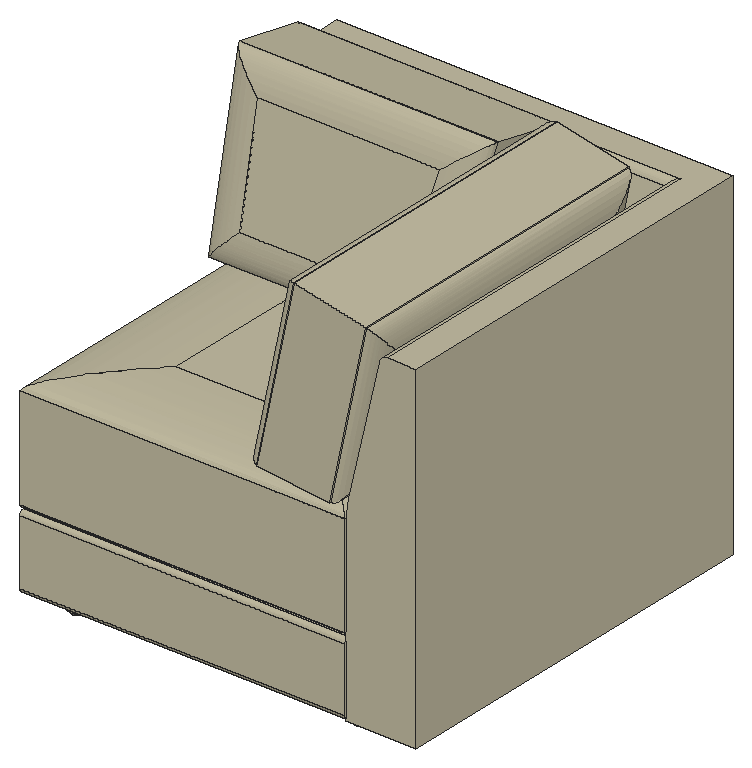
Revit family
Parameters
  URL = "http://www.martinbrattrud.com"
  SCS Certified Product = "Yes"
  Model = "La Quinta 960-03"
  Manufacturer = "Martin Brattrud, Inc."
  Leg [instance] = none
  Keynote = "125000"
  Foot [instance] = none
  Copyright = "© 2013 Martin Brattrud, Inc."
  Chair [instance] = none
  Back Cushion [instance] = none
  Authoring Version = "Revit Architecture 2010"
  Assembly Code = "E2020200"
Reference planes (in)
  plane 1 "Center Front/Back": y = 0
  plane 2: z = 0
  plane 3 "Center Left/Right": x = 0
Forms (in)
  Extrusion 1, solid, material <- "Chair"
    sketch origin (0, 0, 0) x (0, 1, 0) y (0, 0, 1)
      loop
        line (17.49985, 2) -> (17.49985, 32) -> (14.97288, 32)
        arc (14.97288, 32) -> (14.50559, 31.83663) -> (14.24187, 31.4177) r 0.75
        line (14.24187, 31.4177) -> (11.55366, 19.69936)
        arc (11.55366, 19.69936) -> (11.32604, 18.36637) -> (11.24985, 17.01623) r 12
        line (11.24985, 17.01623) -> (11.24985, 2) -> (17.49985, 2)
    from -15 to 20
  Extrusion 2, solid, material <- "Chair"
    sketch origin (0, 0, 0) x (0, 1, 0) y (0, 0, 1)
      loop
        line (-17.49985, 18) -> (-17.49985, 9) -> (11.24985, 9) -> (11.24985, 18) -> (-17.49985, 18)
    from -15 to 13.75
  Sweep 3, solid, material <- "Chair"
    path in 3D
      loop
        line (-15, -17.49985, 18) -> (-15, 11.24985, 18) -> (13.75, 11.24985, 18) -> (13.75, -17.49985, 18) -> (-15, -17.49985, 18)
    profile origin (-0.625, -17.49985, 18) x (0, -1, 0) y (0, 0, 1)
      loop
        spline (-0.03125, 0) -> (-0.09648, 0.16316) -> (-0.29107, 0.32352) -> (-0.61167, 0.47835) -> (-1.05281, 0.625) -> (-1.60693, 0.76095) -> (-2.26456, 0.88388) -> (-3.01444, 0.99169) -> (-3.84375, 1.08253) -> (-4.73829, 1.15485) -> (-5.68275, 1.20741) -> (-6.66099, 1.23931) -> (-7.65625, 1.25)
        line (-7.65625, 1.25) -> (-7.65625, 0) -> (-0.03125, 0)
  Extrusion 4, solid, material <- "Chair"
    sketch origin (0, 0, 0) x (0, 1, 0) y (0, 0, 1)
      loop
        line (3.5936, 19.25) -> (-9.8436, 19.25) -> (-9.8436, 18) -> (3.5936, 18) -> (3.5936, 19.25)
    from -7.34375 to 6.09375
  Sweep 5, solid, material <- "Chair"
    path in 3D
      loop
        line (-15, -17.49985, 9) -> (-15, 11.24985, 9) -> (13.5, 11.24985, 9) -> (13.5, -17.49985, 9) -> (-15, -17.49985, 9)
    profile origin (-0.75, -17.49985, 9) x (0, 1, 0) y (0, 0, -1)
      loop
        line (1.65625, 0) -> (1.65625, 0.5)
        spline (1.65625, 0.5) -> (1.44414, 0.49572) -> (1.23567, 0.48296) -> (1.03439, 0.46194) -> (0.84375, 0.43301) -> (0.66701, 0.39668) -> (0.5072, 0.35355) -> (0.36705, 0.30438) -> (0.24896, 0.25) -> (0.15495, 0.19134) -> (0.08662, 0.12941) -> (0.04515, 0.06526) -> (0.03125, 0)
        line (0.03125, 0) -> (1.65625, 0)
  Extrusion 6, solid, material <- "Chair"
    sketch origin (0, 0, 0) x (0, 1, 0) y (0, 0, 1)
      loop
        line (9.5936, 9) -> (-15.8436, 9) -> (-15.8436, 8.5) -> (9.5936, 8.5) -> (9.5936, 9)
    from -11.8431 to 11.84375
  Extrusion 7, solid, material <- "Leg"
    sketch origin (0, 0, 0) x (1, 0, 0) y (0, 1, 0)
      loop
        circle (-12.50065, -14.24745) r 0.75
      loop
        circle (12.5, -14.24745) r 0.75
      loop
        circle (-12.50065, 14.12755) r 0.75
      loop
        circle (12.5, 14.12755) r 0.75
    from 0.25 to 2
  Extrusion 8, solid, material <- "Foot"
    sketch origin (0, 0, 0) x (1, 0, 0) y (0, 1, 0)
      loop
        circle (-12.50065, -14.24745) r 0.5
      loop
        circle (12.5, -14.24745) r 0.5
      loop
        circle (-12.50065, 14.12755) r 0.5
      loop
        circle (12.5, 14.12755) r 0.5
    from 0 to 0.25
  Extrusion 9, solid, material <- "Chair"
    sketch origin (0, 0, 0) x (0, 1, 0) y (0, 0, 1)
      loop
        line (-17.12485, 2) -> (11.24985, 2) -> (11.24985, 8.5) -> (-17.12485, 8.5)
        arc (-17.12485, 8.5) -> (-17.39002, 8.39017) -> (-17.49985, 8.125) r 0.375
        line (-17.49985, 8.125) -> (-17.49985, 2.375)
        arc (-17.49985, 2.375) -> (-17.39002, 2.10983) -> (-17.12485, 2) r 0.375
    from -15 to 13.75
  Extrusion 10, solid, material <- "Chair"
    sketch origin (2.50015, -2.4686, 0) x (1, 0, 0) y (0, 0, 1)
      loop
        line (17.49985, 2) -> (17.49985, 32) -> (14.97288, 32)
        arc (14.97288, 32) -> (14.50559, 31.83663) -> (14.24187, 31.4177) r 0.75
        line (14.24187, 31.4177) -> (11.55366, 19.69936)
        arc (11.55366, 19.69936) -> (11.32604, 18.36637) -> (11.24985, 17.01623) r 12
        line (11.24985, 17.01623) -> (11.24985, 2) -> (17.49985, 2)
    from -19.96845 to 15
  Extrusion 11, solid, material <- "Back Cushion"
    sketch origin (2.55128, -3.51274, 0) x (1, 0, 0) y (0, 0, 1)
      loop
        line (13.03585, 33.76) -> (6.67789, 35.11143) -> (3.35129, 19.46111) -> (9.85626, 18.80132) -> (13.03585, 33.76)
    from -15 to 13.98711
  Sweep 12, solid, material <- "Back Cushion"
    path in 3D
      loop
        line (9.22917, 11.48726, 35.11143) -> (5.90257, 11.48726, 19.46111) -> (5.90257, -17.49985, 19.46111) -> (9.22917, -17.49985, 35.11143) -> (9.22917, 11.48726, 35.11143)
    profile origin (9.22917, -3.00629, 35.11143) x (-0.207913, 0, -0.978147) y (-0.978147, 0, 0.207913)
      loop
        line (3.03125, 0) -> (3.03125, 1.2271)
        spline (3.03125, 1.2271) -> (2.63967, 1.2166) -> (2.25479, 1.18529) -> (1.8832, 1.13369) -> (1.53125, 1.0627) -> (1.20497, 0.97352) -> (0.90993, 0.86769) -> (0.65119, 0.74701) -> (0.43317, 0.61355) -> (0.25961, 0.46959) -> (0.13347, 0.3176) -> (0.05692, 0.16017) -> (0.03125, 0)
        line (0.03125, 0) -> (3.03125, 0)
  Extrusion 13, solid, material <- "Back Cushion"
    sketch origin (2.55128, -3.51274, 0) x (1, 0, 0) y (0, 0, 1)
      loop
        line (3.98153, 22.42612) -> (6.04766, 32.14643) -> (4.84737, 32.40155) -> (2.78125, 22.68125) -> (3.98153, 22.42612)
    from -11.96875 to 10.95586
  Extrusion 14, solid, material <- "Back Cushion"
    sketch origin (2.55128, -3.51274, 0) x (1, 0, 0) y (0, 0, 1)
      loop
        line (13.6283, 30.5351) -> (12.40561, 30.79499) -> (10.4865, 21.76633) -> (11.70918, 21.50644) -> (13.6283, 30.5351)
    from -11.96875 to 10.95586
  Sweep 15, solid, material <- "Back Cushion"
    path in 3D
      loop
        line (15.58713, 11.48726, 33.76) -> (12.40755, 11.48726, 18.80132) -> (12.40755, -17.49985, 18.80132) -> (15.58713, -17.49985, 33.76) -> (15.58713, 11.48726, 33.76)
    profile origin (15.58713, -3.00629, 33.76) x (-1, 0, 0) y (0, 0, 1)
      loop
        line (0.63024, -2.96501) -> (0.0065, -0.03057)
        spline (0.0065, -0.03057) -> (-0.14776, -0.08959) -> (-0.2887, -0.19782) -> (-0.41392, -0.35339) -> (-0.52128, -0.55365) -> (-0.60893, -0.79517) -> (-0.67538, -1.07382) -> (-0.71949, -1.38482) -> (-0.74051, -1.72286) -> (-0.73807, -2.08215) -> (-0.71222, -2.45656) -> (-0.6634, -2.83966) -> (-0.59245, -3.2249)
        line (-0.59245, -3.2249) -> (0.63024, -2.96501)
  Extrusion 16, solid
    sketch origin (34.03125, 5.97052, -0.08691) x (1, 0, 0) y (0, 0.207912, 0.978148)
      loop
        line (-26.12862, 34.60308) -> (-49, 34.60308) -> (-49, 19.3102) -> (-29.37924, 19.3102) -> (-26.12862, 34.60308)
    from 0 to 6.5
  Extrusion 17, void
    sketch origin (34.03125, 4.77887, -5.69318) x (1, 0, 0) y (0, 0.207912, 0.978148)
      loop
        line (-29.67807, 23.63585) -> (-29.3844, 23.63585) -> (-29.3844, 25.01747) -> (-29.67807, 23.63585)
    from 0 to 6.5
  Sweep 18, solid
    path in 3D
      loop
        line (-14.96875, 3.48037, 19.46111) -> (4.50171, 3.48037, 19.46111) -> (7.90263, 6.80694, 35.11143) -> (-14.96875, 6.80694, 35.11143) -> (-14.96875, 3.48037, 19.46111)
    profile origin (-14.96875, 5.14366, 27.28627) x (0, -0.978148, 0.207912) y (-1, 0, 0)
      loop
        line (0, -3.03216) -> (1.22544, -3.03216)
        spline (1.22544, -3.03216) -> (1.21495, -2.64046) -> (1.18368, -2.25546) -> (1.13216, -1.88376) -> (1.06126, -1.5317) -> (0.9722, -1.20532) -> (0.86651, -0.91019) -> (0.746, -0.65138) -> (0.61272, -0.4333) -> (0.46895, -0.25968) -> (0.31717, -0.1335) -> (0.15995, -0.05692) -> (0, -0.03125)
        line (0, -0.03125) -> (0, -3.03216)
  Extrusion 19, solid
    sketch origin (34.03125, -11.93436, -12.96404) x (1, 0, 0) y (0, 0.207912, 0.978148)
      loop
        line (-45.96784, 47.88929) -> (-45.96784, 37.95364) -> (-31.98492, 37.95364) -> (-29.87302, 47.88929) -> (-45.96784, 47.88929)
    from -8.33631 to -7.11087
  Sweep 20, solid
    path in 3D
      loop
        line (-14.96875, 9.98029, 18.7776) -> (4.64685, 9.98029, 18.7776) -> (7.90263, 13.1649, 33.76001) -> (-14.96875, 13.1649, 33.76001) -> (-14.96875, 9.98029, 18.7776)
    profile origin (-14.96875, 11.5726, 26.2688) x (0, -0.978148, 0.207912) y (-1, 0, 0)
      loop
        line (0, -3.03216) -> (0, -0.03125)
        spline (0, -0.03125) -> (-0.15995, -0.05692) -> (-0.31717, -0.1335) -> (-0.46895, -0.25968) -> (-0.61272, -0.4333) -> (-0.746, -0.65138) -> (-0.86651, -0.91019) -> (-0.9722, -1.20532) -> (-1.06126, -1.5317) -> (-1.13216, -1.88376) -> (-1.18368, -2.25546) -> (-1.21495, -2.64046) -> (-1.22544, -3.03216)
        line (-1.22544, -3.03216) -> (0, -3.03216)
  Extrusion 21, solid
    sketch origin (34.03125, 10.73188, -17.7819) x (1, 0, 0) y (0, -0.207912, -0.978148)
      loop
        line (-45.96784, -47.88929) -> (-29.87302, -47.88929) -> (-31.83978, -38.63647) -> (-45.96784, -38.63647) -> (-45.96784, -47.88929)
    from -8.33631 to -7.11087
  Extrusion 22, solid
    sketch origin (34.03125, 0.27435, 0.68353) x (0, 1, 0) y (0, 0, 1)
      loop
        line (3.35302, 19.46922) -> (3.20601, 18.77759) -> (9.71098, 18.11779) -> (3.35302, 19.46922)
    from -49 to -29.3844
Cuts and joins
  joined: Sweep 3, Extrusion 4
  joined: Sweep 5, Extrusion 6
  joined: Extrusion 1, Extrusion 10
  joined: Sweep 12, Extrusion 13
  joined: Extrusion 14, Sweep 15
  Extrusion 17 cuts Extrusion 22
  joined: Extrusion 16, Extrusion 22
  Extrusion 17 cuts Sweep 18
  joined: Sweep 18, Extrusion 19
  joined: Sweep 20, Extrusion 21
Lines and regions (in)
  sketch lines
    curve 1: line (13.75, -17.49985, 18) -> (-15, -17.49985, 18)
    curve 2: line (-15, -17.49985, 18) -> (-15, 11.24985, 18)
    curve 3: line (13.75, 11.24985, 18) -> (-15, 11.24985, 18)
    curve 4: line (13.75, 11.24985, 18) -> (13.75, -17.49985, 18)
    curve 5: line (13.5, -17.49985, 9) -> (-15, -17.49985, 9)
    curve 6: line (-15, -17.49985, 9) -> (-15, 11.24985, 9)
    curve 7: line (13.5, 11.24985, 9) -> (-15, 11.24985, 9)
    curve 8: line (13.5, 11.24985, 9) -> (13.5, -17.49985, 9)
    curve 9: line (9.22917, -17.49985, 35.11143) -> (9.22917, 11.48726, 35.11143)
    curve 10: line (5.90257, -17.49985, 19.46111) -> (5.90257, 11.48726, 19.46111)
    curve 11: line (5.90257, 11.48726, 19.46111) -> (9.22917, 11.48726, 35.11143)
    curve 12: line (9.22917, -17.49985, 35.11143) -> (5.90257, -17.49985, 19.46111)
    curve 13: line (15.58713, -17.49985, 33.76) -> (15.58713, 11.48726, 33.76)
    curve 14: line (15.58713, 11.48726, 33.76) -> (12.40755, 11.48726, 18.80132)
    curve 15: line (12.40755, -17.49985, 18.80132) -> (12.40755, 11.48726, 18.80132)
    curve 16: line (12.40755, -17.49985, 18.80132) -> (15.58713, -17.49985, 33.76)
    curve 17: line (-14.96875, 6.80694, 35.11143) -> (-14.96875, 3.48037, 19.46111)
    curve 18: line (7.90263, 6.80694, 35.11143) -> (-14.96875, 6.80694, 35.11143)
    curve 19: line (4.50171, 3.48037, 19.46111) -> (7.90263, 6.80694, 35.11143)
    curve 20: line (-14.96875, 13.1649, 33.76001) -> (-14.96875, 9.98029, 18.7776)
    curve 21: line (7.90263, 13.1649, 33.76001) -> (-14.96875, 13.1649, 33.76001)
    curve 22: line (4.64685, 9.98029, 18.7776) -> (7.90263, 13.1649, 33.76001)
    curve 23: line (4.64685, 9.98029, 18.7776) -> (-14.96875, 9.98029, 18.7776)
    curve 24: line (4.50171, 3.48037, 19.46111) -> (-14.96875, 3.48037, 19.46111)
